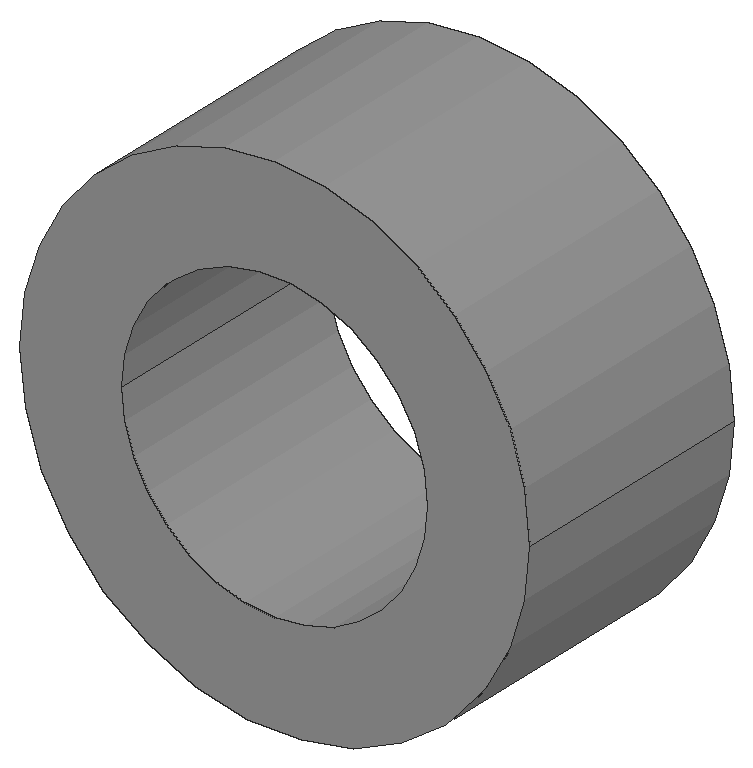
Revit family "防水套管", category 常规模型, Revit 2016
Family settings
  零件类型 = 标准
  可将钢筋附着到主体 = 否
  圆形连接件大小 = 使用直径
  基于工作平面 = 否
  总是垂直 = 是
  加载时剪切的空心 = 否
  共享 = 否
  房间计算点 = 否
Parameters (values of type "标准")
  管线名称 [instance] = ""
  材质 = 灰浆
  外径D2 [instance] = 1000 mm
  墙厚h [instance] = 500 mm
  内径D1 [instance] = 600 mm
  h2 [instance] = 墙厚h / 2  # 250 mm
  h1 [instance] = -墙厚h / 2  # -250 mm
Reference planes
  plane 1 "中心(前/后)": y = 0
  plane 2: z = 0
  plane 3 "中心(左/右)": x = 0
Forms (mm)
  Extrusion 1, solid, material "灰浆" <- "材质"
    sketch origin (0, 0, 0) x (1, 0, 0) y (0, 0, 1)
      loop
        circle (0, 0) r 500
      loop
        circle (0, 0) r 300
    from -250 <- "h1" to 250 <- "h2"
Dimensions and locks
  "内径D1": diameter of Extrusion 1 sketch curve
  "外径D2": diameter of Extrusion 1 sketch curve
  aligned and locked: level to plane 2
Automatic sketch dimensions
  Extrusion 1 sketch curve to Extrusion 1 sketch curve = 0 mm  (x2)
  Extrusion 1 sketch curve to level = 0 mm
  Extrusion 1 sketch curve to plane 3 "中心(左/右)" = 0 mm
